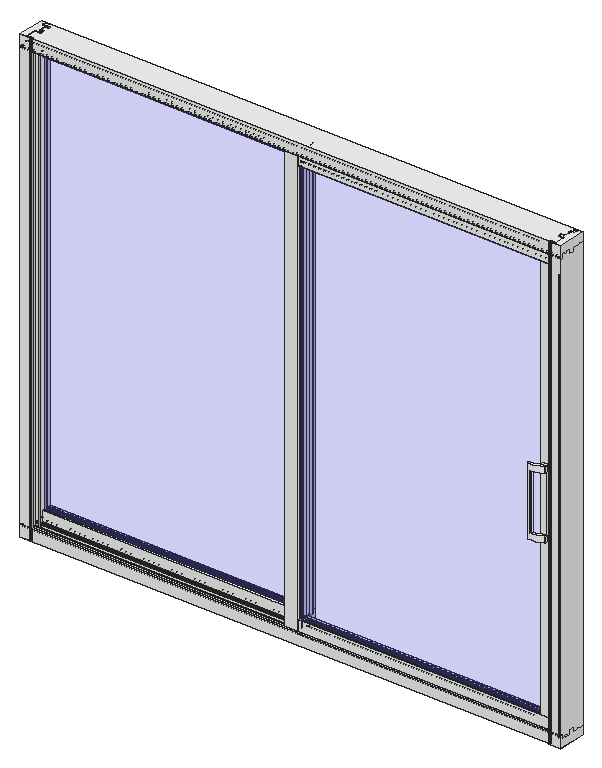
Revit family "Patio-Door_Windsor_Novatech", category Doors, host Wall, Revit 2026
Family settings
  Host = Wall
  Classification Number = 23.30.10.00
  Always vertical = Yes
  Cut with Voids When Loaded = No
  Shared = No
  Room Calculation Point = No
Parameters (values of type "95 1/2"W X 79 1/2"H")
  Width Sash X = (Width / 2) + 5/8"  # 48 3/8"
  Width Sash O = (Width / 2) + 5/8"  # 48 3/8"
  Specification = "https://www.arcat.com/company/novatech-group-51586/spec"
  Product Page URL = "https://www.arcat.com/arcatcos/cos51/arc51586.html"
  Model_Sash to Reference Line = (Width - 3") / 2  # 46 1/4"
  View Handle = yes
  URL = "https://www.groupenovatech.com/en_canada_ontario/products/patio‐doors.html"
  Thickness = 4 7/8"
  Rough Width = Width + 1/2"  # 96"
  Rough Height = Height + 1/2"  # 80"
  Panel Material = Glass
  Model = "Windsor"
  Manufacturer = "Novatech"
  Look Handle = yes
  Keynote = "08 32 00"
  Height Sash X = Height - 3 1/4"  # 76 1/4"
  Height Sash O = Height - 3 1/4"  # 76 1/4"
  Hardware Material = Aluminum
  Handle Height = 38"
  Function = Interior
  Height = 79 1/2"
  Wall Closure = By host
  Width = 95 1/2"
  Frame Material = Aluminum
  Define Thermal Properties by = Schematic Type
  Copyright = "ARCAT"
  CAD Details = "https://www.arcat.com/company/novatech-group-51586/cad"
  Analytic Construction = "<None>"
Reference planes (in)
  plane 1 "Center (Front/Back)": y = -0.19815
  plane 2 "Center (Left/Right)": x = 0
  plane 3 "Left": x = -47.75
  plane 4 "Right": x = 47.75
  plane 5 "Top": z = 79.5
  plane 6 "Exterior": y = 3
  plane 7 "Interior": y = -3
  plane 8 "Panel 1": y = 0.1275
  plane 9 "Panel 2": y = -1.86393
  plane 10: x = -46.25
  plane 11: z = 78.08
  plane 12: z = 38
  plane 13: z = 1.83
  plane 14: x = 46.25
Text (in)
  text "Exterior" at (-74.96733, 27.31104, 0), in view "Ref. Level"
  text "Interior" at (-74.96733, -25.14366, 0), in view "Ref. Level"
  text "Exterior" at (0, 40.15149, 123.01588), in view "Right"
  text "Interior" at (0, -64.39139, 123.01588), in view "Right"
  text "Interior" at (0, -31.01599, 123.00693), in view "Left"
  text "Exterior" at (0, 54.57065, 123.00693), in view "Left"
Dimensions and locks (in)
  equal spacing: plane 3 "Left", plane 2 "Center (Left/Right)", plane 4 "Right"
  "Height": level to plane 5 "Top"
  "Width": plane 3 "Left" to plane 4 "Right"
  "Model_Sash to Reference Line": plane 10 to plane 2 "Center (Left/Right)"
  level to plane 13 = 1.83"
  locked: plane 14 to plane 4 "Right" at 1.5
  plane 3 "Left" to plane 10 = 1 1/2"
  "Model_Sash to Reference Line": plane 2 "Center (Left/Right)" to plane 14
  "Handle Height": plane 12 to level
  locked: nested 2 to plane 4 "Right" at 2.77256
  locked: nested 3 to plane 4 "Right" at 2.77256
  locked: nested 2 to plane 9 "Panel 2" at 0.8125
  locked: plane 9 "Panel 2" to nested 3 at 0.8125
  "Height Sash X": plane 11 to plane 13
  locked: plane 7 "Interior" to plane 9 "Panel 2" at 1.13607
  locked: plane 7 "Interior" to plane 8 "Panel 1" at 3.1275
  aligned and locked: plane 6 "Exterior" to host wall
  aligned and locked: plane 7 "Interior" to host wall
  aligned and locked: plane 12 to nested 2
  aligned and locked: plane 12 to nested 3
  aligned and locked: nested 4 to plane 10
  aligned and locked: plane 2 "Center (Left/Right)" to nested 1
  aligned and locked: nested 4 to plane 11
  aligned and locked: plane 14 to nested 5
  aligned and locked: nested 5 to plane 2 "Center (Left/Right)"
  aligned and locked: plane 9 "Panel 2" to nested 5
  aligned and locked: plane 8 "Panel 1" to nested 4
  aligned and locked: nested 4 to plane 2 "Center (Left/Right)"
  aligned and locked: nested 1 to plane 7 "Interior"
  aligned and locked: plane 4 "Right" to nested 1
  aligned and locked: plane 3 "Left" to nested 1
  aligned and locked: nested 5 to plane 11
Nested families (in)
  nested 1: "NOVATECH WINDSOR_DOOR FRAME" at (0, 0, 0), type "DOOR FRAME"
  nested 2: "NOVATECH WINDSOR_LOOK HANDLE" at (44.97744, -2.70891, 32) x (-1, 0, 0) z (0, 0, 1), visible <- "Look Handle", type "LOOK HANDLE"
  nested 3: "NOVATECH WINDSOR_VIEW HANDLE" at (44.97744, -2.67643, 32) x (-1, 0, 0) z (0, 0, 1), visible <- "View Handle", type "VIEW HANDLE"
    with Handle Length 12"
  nested 4: "NOVATECH WINDSOR_SASH_O" at (-23.125, 1.00559, 1.83) x (-1, 0, 0) z (0, 0, 1), type "SASH_O"
  nested 5: "NOVATECH_WINDSOR_LIGHT_SASH_X" at (23.125, -1.05143, 1.91661) x (-1, 0, 0) z (0, 0, 1), type "SASH_X"
Definition of nested family "NOVATECH WINDSOR_DOOR FRAME"
  Parameters (values of type "NOVATECH 650_2 LIGHT_DOOR FRAME")
    Function = (empty or 0)
    Height = 79 1/2"
    Wall Closure = (empty or 0)
    Width = 95 1/2"
    Frame Thickness = 5.75039"
    Frame Material = none
    Define Thermal Properties by = 1
    Analytic Construction = "<None>"
  Reference planes (in)
    plane 1 "Center (Front/Back)": y = 0
    plane 2 "Center (Left/Right)": x = 0
    plane 3 "Left": x = -47.75
    plane 4 "Right": x = 47.75
    plane 5 "Top": z = 79.5
    plane 6 "Exterior": y = 4
    plane 7 "Interior": y = -4
    plane 8: y = -1.75039
  Lines and regions (in)
    Opening 1
      outline origin (-90, -4, 0) x (1, 0, 0) y (0, 0, 1)
        loop
          line (42.25, 0) -> (137.75, 0) -> (137.75, 79.5) -> (42.25, 79.5) -> (42.25, 0)
  Text (in)
    text "Exterior" at (-74.96733, 27.31104, 0), in view "Ref. Level"
    text "Interior" at (-74.96733, -25.14366, 0), in view "Ref. Level"
    text "Exterior" at (0, 40.15149, 123.01588), in view "Right"
    text "Interior" at (0, -64.39139, 123.01588), in view "Right"
    text "Interior" at (0, -31.01599, 123.00693), in view "Left"
    text "Exterior" at (0, 54.57065, 123.00693), in view "Left"
  Dimensions and locks (in)
    equal spacing: plane 3 "Left", plane 2 "Center (Left/Right)", plane 4 "Right"
    "Height": level to plane 5 "Top"
    "Width": plane 3 "Left" to plane 4 "Right"
    "Frame Thickness": plane 6 "Exterior" to plane 8
    aligned and locked: plane 3 "Left" to Opening 1 sketch curve
    aligned and locked: plane 5 "Top" to Opening 1 sketch curve  (x2)
    aligned and locked: Opening 1 sketch curve to plane 4 "Right"
    aligned and locked: Opening 1 sketch curve to level
    aligned and locked: plane 6 "Exterior" to host wall
    aligned and locked: plane 7 "Interior" to host wall
    aligned and locked: plane 4 "Right" to nested 1
    aligned and locked: nested 1 to plane 3 "Left"
    aligned and locked: plane 4 "Right" to nested 2
    aligned and locked: plane 3 "Left" to nested 2
    aligned and locked: level to nested 4
    aligned and locked: plane 3 "Left" to nested 3
    aligned and locked: nested 4 to plane 4 "Right"
    aligned and locked: plane 7 "Interior" to nested 4
    aligned and locked: nested 3 to plane 7 "Interior"
    aligned and locked: nested 1 to plane 5 "Top"
    aligned and locked: nested 2 to level
    aligned and locked: nested 2 to plane 7 "Interior"
    aligned and locked: plane 7 "Interior" to nested 1
    aligned and locked: plane 5 "Top" to nested 4
  Nested families (in)
    nested 1: "HEADER PROFILE" at (-47.75, -3.8123, 79.5), type "HEADER PROFILE"
      with Length 95 1/2"
    nested 2: "NOVATECH_650_2 LIGHT_SILL PROFILE" at (47.75, -4, 0) x (-1, 0, 0) z (0, 0, 1), type "SILL PROFILE"
      with built-in parameter 1001306 7.9583 (stored number, unit not read)
    nested 3: "NOVATECH 650_2 LIGHT_DOOR FRAME_RIGHT" at (-47.75, 0.875, -8) x (0, -1, 0) z (0, 0, 1), type "NOVATECH 650_2 LIGHT_DOOR FRAME_RIGHT"
      with Length 79 1/2"
    nested 4: "NOVATECH 650_2 LIGHT_DOOR FRAME_LEFT" at (47.75, -4, -16.21833) x (0, 1, 0) z (0, 0, 1), type "NOVATECH 650_2 LIGHT_DOOR FRAME_LEFT"
      with Length 79 1/2"
  Definition of nested family "HEADER PROFILE"
    Parameters (values of type "HEADER PROFILE")
      Length [instance] = 12"
      Frame Material = none
      Default Elevation = 0"
    Reference planes (in)
      plane 1 "Center (Front/Back)": y = -0.1877
      plane 2: z = 0
      plane 3 "Center (Left/Right)": x = 0
      plane 4: x = 12
    Forms (in)
      Extrusion 1, solid, material <- "Frame Material"
        sketch origin (0, 0, -4.50465) x (0, 1, 0) y (0, 0, 1)
          loop
            line (4.6873, 4.50465) -> (-0.1877, 4.50465) -> (-0.1877, 2.47433)
            arc (-0.1877, 2.47433) -> (-0.18193, 2.46041) -> (-0.16801, 2.45465) r 0.01969
            line (-0.16801, 2.45465) -> (-0.0152, 2.45465)
            arc (-0.0152, 2.45465) -> (0.029, 2.47295) -> (0.0473, 2.51715) r 0.0625
            line (0.0473, 2.51715) -> (0.0473, 2.55215)
            arc (0.0473, 2.55215) -> (0.0223, 2.57006) -> (-0.0027, 2.55215) r 0.0264
            arc (-0.0027, 2.55215) -> (-0.00483, 2.53547) -> (-0.0177, 2.52465) r 0.02311
            line (-0.0177, 2.52465) -> (-0.1027, 2.52465)
            arc (-0.1027, 2.52465) -> (-0.11927, 2.54565) -> (-0.1027, 2.56665) r 0.02159
            line (-0.1027, 2.56665) -> (-0.0627, 2.56665)
            arc (-0.0627, 2.56665) -> (-0.04922, 2.58765) -> (-0.0627, 2.60865) r 0.0231
            line (-0.0627, 2.60865) -> (-0.1027, 2.60865)
            arc (-0.1027, 2.60865) -> (-0.11918, 2.62965) -> (-0.1027, 2.65065) r 0.02162
            line (-0.1027, 2.65065) -> (-0.0627, 2.65065)
            arc (-0.0627, 2.65065) -> (-0.04938, 2.67165) -> (-0.0627, 2.69265) r 0.02322
            line (-0.0627, 2.69265) -> (-0.1027, 2.69265)
            arc (-0.1027, 2.69265) -> (-0.11969, 2.71365) -> (-0.1027, 2.73465) r 0.02147
            line (-0.1027, 2.73465) -> (-0.01721, 2.73465)
            arc (-0.01721, 2.73465) -> (-0.00546, 2.72327) -> (-0.0027, 2.70715) r 0.02635
            arc (-0.0027, 2.70715) -> (0.0223, 2.69207) -> (0.0473, 2.70715) r 0.02827
            line (0.0473, 2.70715) -> (0.0473, 3.0807) -> (0.82733, 3.13366) -> (0.85811, 3.08243)
            arc (0.85811, 3.08243) -> (0.93609, 2.85986) -> (1.01464, 3.08222) r 0.125
            line (1.01464, 3.08222) -> (1.05319, 3.149) -> (1.8373, 3.20224) -> (1.8373, 2.70718)
            arc (1.8373, 2.70718) -> (1.86784, 2.69121) -> (1.8873, 2.71965) r 0.02595
            arc (1.8873, 2.71965) -> (1.9123, 2.73723) -> (1.9373, 2.71965) r 0.02656
            line (1.9373, 2.71965) -> (1.9373, 2.53965)
            arc (1.9373, 2.53965) -> (1.90609, 2.52103) -> (1.8873, 2.55215) r 0.02577
            arc (1.8873, 2.55215) -> (1.8623, 2.56817) -> (1.8373, 2.55215) r 0.02752
            line (1.8373, 2.55215) -> (1.8373, 2.51715)
            arc (1.8373, 2.51715) -> (1.85561, 2.47295) -> (1.8998, 2.45465) r 0.0625
            line (1.8998, 2.45465) -> (2.4173, 2.45465)
            arc (2.4173, 2.45465) -> (2.44749, 2.48483) -> (2.4173, 2.51502) r 0.03018
            line (2.4173, 2.51502) -> (2.4173, 2.99157) -> (2.3373, 2.97778) -> (2.3373, 3.08465) -> (3.52687, 3.08465) -> (3.52675, 3.02441)
            arc (3.52675, 3.02441) -> (3.55014, 3.00006) -> (3.57781, 3.01942) r 0.02596
            line (3.57781, 3.01942) -> (3.60549, 3.1267) -> (3.60549, 3.29008)
            arc (3.60549, 3.29008) -> (3.61126, 3.304) -> (3.62518, 3.30977) r 0.01969
            line (3.62518, 3.30977) -> (3.7373, 3.30977)
            arc (3.7373, 3.30977) -> (3.77973, 3.29219) -> (3.7973, 3.24977) r 0.06
            line (3.7973, 3.24977) -> (3.7973, 3.0637) -> (3.7123, 3.0637) -> (3.7123, 3.00465) -> (3.8673, 3.00465) -> (3.8673, 3.42465) -> (4.15031, 3.42465) -> (4.15031, 3.30553)
            arc (4.15031, 3.30553) -> (4.12264, 3.23527) -> (4.18281, 3.18965) r 0.0625
            arc (4.18281, 3.18965) -> (4.24299, 3.23527) -> (4.21531, 3.30553) r 0.0625
            line (4.21531, 3.30553) -> (4.21531, 3.42465) -> (4.49833, 3.42465) -> (4.49833, 3.12465) -> (4.6873, 3.12465) -> (4.6873, 4.50465)
        from 0 to 12
    Dimensions and locks (in)
      "Length": plane 3 "Center (Left/Right)" to plane 4
      aligned and locked: plane 2 to level
      aligned and locked: Extrusion 1 to plane 4
      aligned and locked: Extrusion 1 to plane 3 "Center (Left/Right)"
    Automatic sketch dimensions
      Extrusion 1 sketch curve to Extrusion 1 sketch curve = 0"  (x7)
      Extrusion 1 sketch curve to plane 1 "Center (Front/Back)" = 0"
      Extrusion 1 sketch curve to Extrusion 1 sketch curve = 0.01969"  (x2)
      Extrusion 1 sketch curve to Extrusion 1 sketch curve = 0.06531"
      Extrusion 1 sketch curve to plane 1 "Center (Front/Back)" = 0.085"
      Extrusion 1 sketch curve to Extrusion 1 sketch curve = 0.00447"
      Extrusion 1 sketch curve to Extrusion 1 sketch curve = 0.00502"
      Extrusion 1 sketch curve to Extrusion 1 sketch curve = 0.00514"
      Extrusion 1 sketch curve to Extrusion 1 sketch curve = 0.03009"
      Extrusion 1 sketch curve to Extrusion 1 sketch curve = 0.03037"
      Extrusion 1 sketch curve to Extrusion 1 sketch curve = 0.00963"  (x2)
      Extrusion 1 sketch curve to Extrusion 1 sketch curve = 0.00991"  (x2)
      Extrusion 1 sketch curve to Extrusion 1 sketch curve = 0.03393"
      Extrusion 1 sketch curve to Extrusion 1 sketch curve = 0.03758"
      Extrusion 1 sketch curve to Extrusion 1 sketch curve = 0.00742"
      Extrusion 1 sketch curve to Extrusion 1 sketch curve = 0.01155"
      Extrusion 1 sketch curve to Extrusion 1 sketch curve = 0.0025"
      Extrusion 1 sketch curve to Extrusion 1 sketch curve = 0.04"
      Extrusion 1 sketch curve to Extrusion 1 sketch curve = 0.03951"
      Extrusion 1 sketch curve to plane 1 "Center (Front/Back)" = 0.235"
      Extrusion 1 sketch curve to Extrusion 1 sketch curve = 0.025"  (x3)
      Extrusion 1 sketch curve to Extrusion 1 sketch curve = 0.78003"
      Extrusion 1 sketch curve to Extrusion 1 sketch curve = 0.03078"
      Extrusion 1 sketch curve to Extrusion 1 sketch curve = 5/64"
      Extrusion 1 sketch curve to Extrusion 1 sketch curve = 0.07839"
      Extrusion 1 sketch curve to Extrusion 1 sketch curve = 0.03855"
      Extrusion 1 sketch curve to Extrusion 1 sketch curve = 0.82267"
      Extrusion 1 sketch curve to Extrusion 1 sketch curve = 0.02426"
      Extrusion 1 sketch curve to Extrusion 1 sketch curve = 0.0375"
      Extrusion 1 sketch curve to Extrusion 1 sketch curve = 0.05074"
      Extrusion 1 sketch curve to Extrusion 1 sketch curve = 0.01253"
      Extrusion 1 sketch curve to Extrusion 1 sketch curve = 1/2"
      Extrusion 1 sketch curve to Extrusion 1 sketch curve = 0.08"
      Extrusion 1 sketch curve to Extrusion 1 sketch curve = 1.10945"
      Extrusion 1 sketch curve to Extrusion 1 sketch curve = 0.00012"
      Extrusion 1 sketch curve to Extrusion 1 sketch curve = 0.02592"
      Extrusion 1 sketch curve to level = 1.48523"
      Extrusion 1 sketch curve to Extrusion 1 sketch curve = 0.02514"
      Extrusion 1 sketch curve to Extrusion 1 sketch curve = 0.07862"
      Extrusion 1 sketch curve to Extrusion 1 sketch curve = 0.10681"
      Extrusion 1 sketch curve to Extrusion 1 sketch curve = 0.11213"
      Extrusion 1 sketch curve to Extrusion 1 sketch curve = 0.085"
      Extrusion 1 sketch curve to Extrusion 1 sketch curve = 0.07"
      Extrusion 1 sketch curve to Extrusion 1 sketch curve = 0.28301"  (x2)
      Extrusion 1 sketch curve to Extrusion 1 sketch curve = 0.0325"
      Extrusion 1 sketch curve to Extrusion 1 sketch curve = 0.065"
      Extrusion 1 sketch curve to Extrusion 1 sketch curve = 0.18898"
      Extrusion 1 sketch curve to Extrusion 1 sketch curve = 0.01477"
      Extrusion 1 sketch curve to Extrusion 1 sketch curve = 0.02785"
      Extrusion 1 sketch curve to Extrusion 1 sketch curve = 0.00671"
      Extrusion 1 sketch curve to Extrusion 1 sketch curve = 0.01379"
      Extrusion 1 sketch curve to Extrusion 1 sketch curve = 0.25021"
      Extrusion 1 sketch curve to Extrusion 1 sketch curve = 0.01431"
      Extrusion 1 sketch curve to Extrusion 1 sketch curve = 0.25813"
      Extrusion 1 sketch curve to Extrusion 1 sketch curve = 0.00326"
      Extrusion 1 sketch curve to Extrusion 1 sketch curve = 0.021"  (x5)
      Extrusion 1 sketch curve to Extrusion 1 sketch curve = 0.02368"
      Extrusion 1 sketch curve to Extrusion 1 sketch curve = 0.00898"
      Extrusion 1 sketch curve to Extrusion 1 sketch curve = 0.0092"
      Extrusion 1 sketch curve to Extrusion 1 sketch curve = 0.01319"
      Extrusion 1 sketch curve to Extrusion 1 sketch curve = 0.0145"
      Extrusion 1 sketch curve to Extrusion 1 sketch curve = 0.15503"
      Extrusion 1 sketch curve to Extrusion 1 sketch curve = 0.02011"
      Extrusion 1 sketch curve to Extrusion 1 sketch curve = 0.00612"
      Extrusion 1 sketch curve to Extrusion 1 sketch curve = 0.00849"
      Extrusion 1 sketch curve to Extrusion 1 sketch curve = 0.0115"
      Extrusion 1 sketch curve to Extrusion 1 sketch curve = 0.00638"
      Extrusion 1 sketch curve to Extrusion 1 sketch curve = 0.02888"
      Extrusion 1 sketch curve to Extrusion 1 sketch curve = 0.035"
      Extrusion 1 sketch curve to Extrusion 1 sketch curve = 0.06037"
      Extrusion 1 sketch curve to Extrusion 1 sketch curve = 0.005"
      Extrusion 1 sketch curve to Extrusion 1 sketch curve = 0.05906"
      Extrusion 1 sketch curve to Extrusion 1 sketch curve = 0.34605"
      Extrusion 1 sketch curve to Extrusion 1 sketch curve = 0.09737"
      Extrusion 1 sketch curve to Extrusion 1 sketch curve = 0.06024"
      Extrusion 1 sketch curve to Extrusion 1 sketch curve = 0.12"
      Extrusion 1 sketch curve to Extrusion 1 sketch curve = 0.04205"
      Extrusion 1 sketch curve to Extrusion 1 sketch curve = 0.05123"
      Extrusion 1 sketch curve to Extrusion 1 sketch curve = 0.06677"
      Extrusion 1 sketch curve to Extrusion 1 sketch curve = 0.48259"
      Extrusion 1 sketch curve to Extrusion 1 sketch curve = 0.18606"
      Extrusion 1 sketch curve to Extrusion 1 sketch curve = 0.1275"
      Extrusion 1 sketch curve to Extrusion 1 sketch curve = 0.05339"
      Extrusion 1 sketch curve to Extrusion 1 sketch curve = 0.3"
      Extrusion 1 sketch curve to Extrusion 1 sketch curve = 0.11488"
      Extrusion 1 sketch curve to level = 0"
  Definition of nested family "NOVATECH_650_2 LIGHT_SILL PROFILE"
    Parameters (values of type "SILL PROFILE")
      built-in parameter 1001306 [instance] = 54"
      Frame Material = none
      Default Elevation = 0"
    Reference planes (in)
      plane 1 "Center (Front/Back)": y = 0
      plane 2: z = 0
      plane 3 "Left": x = 0
      plane 4 "Right": x = 54
    Forms (in)
      Extrusion 1, solid, material <- "Frame Material"
        sketch origin (0, 0, 0) x (0, 1, 0) y (0, 0, 1)
          loop
            line (-4.875, 0) -> (0, 0) -> (0, 2.05) -> (-0.1725, 2.05)
            arc (-0.1725, 2.05) -> (-0.21669, 2.03169) -> (-0.235, 1.9875) r 0.0625
            line (-0.235, 1.9875) -> (-0.235, 1.9525)
            arc (-0.235, 1.9525) -> (-0.21, 1.93774) -> (-0.185, 1.9525) r 0.02856
            arc (-0.185, 1.9525) -> (-0.18338, 1.96954) -> (-0.16982, 1.98) r 0.0215
            line (-0.16982, 1.98) -> (-0.085, 1.98)
            arc (-0.085, 1.98) -> (-0.064, 1.959) -> (-0.085, 1.938) r 0.021
            line (-0.085, 1.938) -> (-0.125, 1.938)
            arc (-0.125, 1.938) -> (-0.13812, 1.917) -> (-0.125, 1.896) r 0.02337
            line (-0.125, 1.896) -> (-0.085, 1.896)
            arc (-0.085, 1.896) -> (-0.064, 1.875) -> (-0.085, 1.854) r 0.021
            line (-0.085, 1.854) -> (-0.125, 1.854)
            arc (-0.125, 1.854) -> (-0.1364, 1.833) -> (-0.125, 1.812) r 0.02504
            line (-0.125, 1.812) -> (-0.085, 1.812)
            arc (-0.085, 1.812) -> (-0.064, 1.791) -> (-0.085, 1.77) r 0.021
            line (-0.085, 1.77) -> (-0.17, 1.77)
            arc (-0.17, 1.77) -> (-0.18236, 1.7811) -> (-0.185, 1.7975) r 0.02492
            arc (-0.185, 1.7975) -> (-0.21, 1.81436) -> (-0.235, 1.7975) r 0.02697
            line (-0.235, 1.7975) -> (-0.235, 1.42707) -> (-1.02188, 1.37364) -> (-1.05161, 1.42513)
            arc (-1.05161, 1.42513) -> (-1.13, 1.6475) -> (-1.20839, 1.42513) r 0.125
            line (-1.20839, 1.42513) -> (-1.24694, 1.35836) -> (-2.025, 1.30553) -> (-2.025, 1.7975)
            arc (-2.025, 1.7975) -> (-2.05569, 1.81399) -> (-2.075, 1.785) r 0.02588
            arc (-2.075, 1.785) -> (-2.1, 1.76696) -> (-2.125, 1.785) r 0.02634
            line (-2.125, 1.785) -> (-2.125, 1.965)
            arc (-2.125, 1.965) -> (-2.1, 1.98458) -> (-2.075, 1.965) r 0.02575
            arc (-2.075, 1.965) -> (-2.05549, 1.9368) -> (-2.025, 1.9525) r 0.02599
            line (-2.025, 1.9525) -> (-2.025, 1.9875)
            arc (-2.025, 1.9875) -> (-2.04331, 2.03169) -> (-2.0875, 2.05) r 0.0625
            line (-2.0875, 2.05) -> (-2.635, 2.05) -> (-2.635, 1.99984) -> (-2.605, 1.98016) -> (-2.605, 1.51308) -> (-2.525, 1.52687) -> (-2.525, 1.42) -> (-3.71457, 1.42) -> (-3.71445, 1.48024)
            arc (-3.71445, 1.48024) -> (-3.73784, 1.50458) -> (-3.7655, 1.48523) r 0.02596
            line (-3.7655, 1.48523) -> (-3.79319, 1.37795) -> (-3.79319, 1.21457)
            arc (-3.79319, 1.21457) -> (-3.79895, 1.20065) -> (-3.81287, 1.19488) r 0.01969
            line (-3.81287, 1.19488) -> (-3.925, 1.19488)
            arc (-3.925, 1.19488) -> (-3.96743, 1.21246) -> (-3.985, 1.25488) r 0.06
            line (-3.985, 1.25488) -> (-3.985, 1.44094) -> (-3.9, 1.44094) -> (-3.9, 1.5) -> (-4.055, 1.5) -> (-4.055, 1.08) -> (-4.33801, 1.08) -> (-4.33801, 1.19911)
            arc (-4.33801, 1.19911) -> (-4.31033, 1.26938) -> (-4.37051, 1.315) r 0.0625
            arc (-4.37051, 1.315) -> (-4.43069, 1.26938) -> (-4.40301, 1.19911) r 0.0625
            line (-4.40301, 1.19911) -> (-4.40301, 1.08) -> (-4.68602, 1.08) -> (-4.68602, 1.36031)
            arc (-4.68602, 1.36031) -> (-4.69179, 1.37423) -> (-4.70571, 1.38) r 0.01969
            line (-4.70571, 1.38) -> (-4.85531, 1.38)
            arc (-4.85531, 1.38) -> (-4.86923, 1.37423) -> (-4.875, 1.36031) r 0.01969
            line (-4.875, 1.36031) -> (-4.875, 0)
        from 0 to 54
    Lines and regions (in)
      reference lines
        curve 1: line (0, 0, 0) -> (54, 0, 0)
    Dimensions and locks (in)
      "built-in parameter 1001306": plane 3 "Left" to plane 4 "Right"
      aligned and locked: plane 4 "Right" to curve 1
      aligned and locked: plane 1 "Center (Front/Back)" to curve 1
      aligned and locked: plane 3 "Left" to curve 1
      aligned and locked: level to plane 2
      aligned and locked: Extrusion 1 to curve 1
      aligned and locked: Extrusion 1 to plane 3 "Left"
    Automatic sketch dimensions
      Extrusion 1 sketch curve to Extrusion 1 sketch curve = 0"  (x5)
      level to Extrusion 1 sketch curve = 1.36031"
      plane 1 "Center (Front/Back)" to Extrusion 1 sketch curve = 4 7/8"
      Extrusion 1 sketch curve to Extrusion 1 sketch curve = 0.01969"  (x3)
      Extrusion 1 sketch curve to Extrusion 1 sketch curve = 0.14961"
      Extrusion 1 sketch curve to Extrusion 1 sketch curve = 0.28301"  (x2)
      Extrusion 1 sketch curve to Extrusion 1 sketch curve = 0.0325"  (x2)
      Extrusion 1 sketch curve to Extrusion 1 sketch curve = 0.07"
      Extrusion 1 sketch curve to Extrusion 1 sketch curve = 0.06"
      Extrusion 1 sketch curve to Extrusion 1 sketch curve = 0.085"  (x2)
      Extrusion 1 sketch curve to Extrusion 1 sketch curve = 0.11213"
      level to Extrusion 1 sketch curve = 1.37795"
      Extrusion 1 sketch curve to Extrusion 1 sketch curve = 0.10681"
      level to Extrusion 1 sketch curve = 1.48523"
      Extrusion 1 sketch curve to Extrusion 1 sketch curve = 0.02768"
      Extrusion 1 sketch curve to Extrusion 1 sketch curve = 0.02514"
      Extrusion 1 sketch curve to Extrusion 1 sketch curve = 0.0258"
      level to Extrusion 1 sketch curve = 1.48024"
      Extrusion 1 sketch curve to Extrusion 1 sketch curve = 0.02592"
      Extrusion 1 sketch curve to Extrusion 1 sketch curve = 1.07945"
      level to Extrusion 1 sketch curve = 1.98016"
      Extrusion 1 sketch curve to Extrusion 1 sketch curve = 0.03"
      Extrusion 1 sketch curve to Extrusion 1 sketch curve = 0.08"
      Extrusion 1 sketch curve to Extrusion 1 sketch curve = 0.4"
      Extrusion 1 sketch curve to Extrusion 1 sketch curve = 0.025"  (x4)
      Extrusion 1 sketch curve to Extrusion 1 sketch curve = 0.0125"
      Extrusion 1 sketch curve to Extrusion 1 sketch curve = 0.05059"
      Extrusion 1 sketch curve to Extrusion 1 sketch curve = 0.03831"
      Extrusion 1 sketch curve to Extrusion 1 sketch curve = 0.02419"
      Extrusion 1 sketch curve to Extrusion 1 sketch curve = 0.02441"
      level to Extrusion 1 sketch curve = 1.35836"
      Extrusion 1 sketch curve to Extrusion 1 sketch curve = 0.77806"
      level to Extrusion 1 sketch curve = 1.42513"  (x2)
      Extrusion 1 sketch curve to Extrusion 1 sketch curve = 0.03855"
      Extrusion 1 sketch curve to Extrusion 1 sketch curve = 0.07839"
      level to Extrusion 1 sketch curve = 1.37364"
      Extrusion 1 sketch curve to Extrusion 1 sketch curve = 0.02973"
      Extrusion 1 sketch curve to Extrusion 1 sketch curve = 0.81661"
      level to Extrusion 1 sketch curve = 1.42707"
      Extrusion 1 sketch curve to Extrusion 1 sketch curve = 1/16"
      Extrusion 1 sketch curve to Extrusion 1 sketch curve = 0.04"  (x2)
      Extrusion 1 sketch curve to Extrusion 1 sketch curve = 0.00268"
      Extrusion 1 sketch curve to Extrusion 1 sketch curve = 0.00527"
      Extrusion 1 sketch curve to Extrusion 1 sketch curve = 0.00951"  (x2)
      Extrusion 1 sketch curve to Extrusion 1 sketch curve = 0.03955"
      Extrusion 1 sketch curve to Extrusion 1 sketch curve = 0.03549"
      Extrusion 1 sketch curve to Extrusion 1 sketch curve = 0.01025"
      Extrusion 1 sketch curve to Extrusion 1 sketch curve = 0.01363"
      Extrusion 1 sketch curve to Extrusion 1 sketch curve = 0.02637"  (x2)
      Extrusion 1 sketch curve to Extrusion 1 sketch curve = 0.05283"
      Extrusion 1 sketch curve to Extrusion 1 sketch curve = 0.12307"
      Extrusion 1 sketch curve to Extrusion 1 sketch curve = 0.10781"
      Extrusion 1 sketch curve to Extrusion 1 sketch curve = 0.05339"
      Extrusion 1 sketch curve to Extrusion 1 sketch curve = 0.11911"
      Extrusion 1 sketch curve to Extrusion 1 sketch curve = 0.11488"
      Extrusion 1 sketch curve to level = 0"
      Extrusion 1 sketch curve to Extrusion 1 sketch curve = 0.11447"
      Extrusion 1 sketch curve to Extrusion 1 sketch curve = 0.18606"
      Extrusion 1 sketch curve to Extrusion 1 sketch curve = 0.05906"
      Extrusion 1 sketch curve to Extrusion 1 sketch curve = 0.09308"
      Extrusion 1 sketch curve to Extrusion 1 sketch curve = 0.09737"
      Extrusion 1 sketch curve to Extrusion 1 sketch curve = 0.01379"
      Extrusion 1 sketch curve to Extrusion 1 sketch curve = 0.34293"
      Extrusion 1 sketch curve to Extrusion 1 sketch curve = 0.25813"
      Extrusion 1 sketch curve to Extrusion 1 sketch curve = 0.01739"
      Extrusion 1 sketch curve to Extrusion 1 sketch curve = 0.00388"
      Extrusion 1 sketch curve to Extrusion 1 sketch curve = 0.021"  (x5)
      Extrusion 1 sketch curve to Extrusion 1 sketch curve = 0.02303"
      Extrusion 1 sketch curve to Extrusion 1 sketch curve = 0.0083"
      Extrusion 1 sketch curve to Extrusion 1 sketch curve = 0.00862"
      Extrusion 1 sketch curve to Extrusion 1 sketch curve = 0.01011"
      Extrusion 1 sketch curve to Extrusion 1 sketch curve = 0.0145"
      Extrusion 1 sketch curve to Extrusion 1 sketch curve = 0.155"
      Extrusion 1 sketch curve to Extrusion 1 sketch curve = 0.00633"
      Extrusion 1 sketch curve to Extrusion 1 sketch curve = 0.02085"
      Extrusion 1 sketch curve to Extrusion 1 sketch curve = 0.00617"
      Extrusion 1 sketch curve to Extrusion 1 sketch curve = 0.0138"
      Extrusion 1 sketch curve to Extrusion 1 sketch curve = 0.035"
      Extrusion 1 sketch curve to Extrusion 1 sketch curve = 0.0212"
  Definition of nested family "NOVATECH 650_2 LIGHT_DOOR FRAME_RIGHT"
    Parameters (values of type "NOVATECH 650_2 LIGHT_DOOR FRAME_RIGHT")
      Length = 93"
      Frame Material = none
      Default Elevation = 0"
    Reference planes (in)
      plane 1 "Center (Front/Back)": y = 0
      plane 2: z = 8
      plane 3 "Center (Left/Right)": x = 0
      plane 4: z = 101
    Forms (in)
      Extrusion 1, solid, material <- "Frame Material"
        sketch origin (0, 0, 0) x (1, 0, 0) y (0, 1, 0)
          loop
            line (4.875, 0) -> (0, 0) -> (0, -1.36031)
            arc (0, -1.36031) -> (0.00577, -1.37423) -> (0.01969, -1.38) r 0.01969
            line (0.01969, -1.38) -> (0.16929, -1.38)
            arc (0.16929, -1.38) -> (0.18321, -1.37423) -> (0.18898, -1.36031) r 0.01969
            line (0.18898, -1.36031) -> (0.18898, -0.80969)
            arc (0.18898, -0.80969) -> (0.19474, -0.79577) -> (0.20866, -0.79) r 0.01969
            line (0.20866, -0.79) -> (0.80031, -0.79)
            arc (0.80031, -0.79) -> (0.81423, -0.79577) -> (0.82, -0.80969) r 0.01969
            line (0.82, -0.80969) -> (0.82, -1.5) -> (0.86941, -1.5) -> (0.86941, -2.0498) -> (1.21465, -2.0498) -> (1.21465, -1.9648)
            arc (1.21465, -1.9648) -> (1.18862, -1.94582) -> (1.15965, -1.95989) r 0.03127
            line (1.15965, -1.95989) -> (1.15965, -1.9948) -> (1.08409, -1.9948) -> (1.08409, -1.59269)
            arc (1.08409, -1.59269) -> (1.07196, -1.5533) -> (1.03976, -1.52757) r 0.07
            line (1.03976, -1.52757) -> (1.03976, -1.45797)
            arc (1.03976, -1.45797) -> (1.03485, -1.4322) -> (1.02079, -1.41005) r 0.07
            line (1.02079, -1.41005) -> (1.08181, -1.30435) -> (1.08181, -1.37795) -> (1.1095, -1.48523)
            arc (1.1095, -1.48523) -> (1.13716, -1.50458) -> (1.16055, -1.48024) r 0.02596
            line (1.16055, -1.48024) -> (1.16043, -1.42) -> (2.35, -1.42) -> (2.35, -1.52687) -> (2.27, -1.51308) -> (2.27, -1.98016) -> (2.24, -1.99984) -> (2.24, -2.05) -> (2.7875, -2.05)
            arc (2.7875, -2.05) -> (2.83169, -2.03169) -> (2.85, -1.9875) r 0.0625
            line (2.85, -1.9875) -> (2.85, -1.9525)
            arc (2.85, -1.9525) -> (2.81931, -1.93601) -> (2.8, -1.965) r 0.02588
            arc (2.8, -1.965) -> (2.775, -1.98361) -> (2.75, -1.965) r 0.0261
            line (2.75, -1.965) -> (2.75, -1.785)
            arc (2.75, -1.785) -> (2.775, -1.76622) -> (2.8, -1.785) r 0.02603
            arc (2.8, -1.785) -> (2.81931, -1.81399) -> (2.85, -1.7975) r 0.02588
            line (2.85, -1.7975) -> (2.85, -1.14843) -> (2.79094, -1.14843) -> (2.79094, -1.05) -> (4.64, -1.05) -> (4.64, -1.7975)
            arc (4.64, -1.7975) -> (4.665, -1.81387) -> (4.69, -1.7975) r 0.02728
            arc (4.69, -1.7975) -> (4.69228, -1.7809) -> (4.705, -1.77) r 0.02361
            line (4.705, -1.77) -> (4.79, -1.77)
            arc (4.79, -1.77) -> (4.80654, -1.791) -> (4.79, -1.812) r 0.0216
            line (4.79, -1.812) -> (4.75, -1.812)
            arc (4.75, -1.812) -> (4.73816, -1.833) -> (4.75, -1.854) r 0.02455
            line (4.75, -1.854) -> (4.79, -1.854)
            arc (4.79, -1.854) -> (4.80663, -1.875) -> (4.79, -1.896) r 0.02157
            line (4.79, -1.896) -> (4.75, -1.896)
            arc (4.75, -1.896) -> (4.73708, -1.917) -> (4.75, -1.938) r 0.02353
            line (4.75, -1.938) -> (4.79, -1.938)
            arc (4.79, -1.938) -> (4.80694, -1.959) -> (4.79, -1.98) r 0.02149
            line (4.79, -1.98) -> (4.705, -1.98)
            arc (4.705, -1.98) -> (4.69173, -1.9694) -> (4.69, -1.9525) r 0.02196
            arc (4.69, -1.9525) -> (4.665, -1.93699) -> (4.64, -1.9525) r 0.0279
            line (4.64, -1.9525) -> (4.64, -1.9875)
            arc (4.64, -1.9875) -> (4.65831, -2.03169) -> (4.7025, -2.05) r 0.0625
            line (4.7025, -2.05) -> (4.85531, -2.05)
            arc (4.85531, -2.05) -> (4.86923, -2.04423) -> (4.875, -2.03031) r 0.01969
            line (4.875, -2.03031) -> (4.875, 0)
        from 8 to 101
    Dimensions and locks (in)
      "Length": plane 4 to plane 2
      aligned and locked: plane 4 to Extrusion 1
      aligned and locked: Extrusion 1 to plane 2
    Automatic sketch dimensions
      plane 1 "Center (Front/Back)" to Extrusion 1 sketch curve = 0"
      Extrusion 1 sketch curve to Extrusion 1 sketch curve = 0.01969"  (x4)
      Extrusion 1 sketch curve to Extrusion 1 sketch curve = 0.14961"
      Extrusion 1 sketch curve to Extrusion 1 sketch curve = 0.59165"
      Extrusion 1 sketch curve to Extrusion 1 sketch curve = 0.63102"
      Extrusion 1 sketch curve to Extrusion 1 sketch curve = 0.04941"
      Extrusion 1 sketch curve to Extrusion 1 sketch curve = 0.10035"
      Extrusion 1 sketch curve to Extrusion 1 sketch curve = 0.04433"
      plane 1 "Center (Front/Back)" to Extrusion 1 sketch curve = 1.41005"
      Extrusion 1 sketch curve to Extrusion 1 sketch curve = 0.05102"
      Extrusion 1 sketch curve to Extrusion 1 sketch curve = 0.02567"
      Extrusion 1 sketch curve to Extrusion 1 sketch curve = 0.06102"
      Extrusion 1 sketch curve to Extrusion 1 sketch curve = 0.21469"
      plane 1 "Center (Front/Back)" to Extrusion 1 sketch curve = 1.48523"
      Extrusion 1 sketch curve to Extrusion 1 sketch curve = 0.06973"
      Extrusion 1 sketch curve to Extrusion 1 sketch curve = 0.02514"
      Extrusion 1 sketch curve to Extrusion 1 sketch curve = 0.07555"
      plane 1 "Center (Front/Back)" to Extrusion 1 sketch curve = 1.42"
      Extrusion 1 sketch curve to Extrusion 1 sketch curve = 0.0258"
      plane 1 "Center (Front/Back)" to Extrusion 1 sketch curve = 1.48024"
      Extrusion 1 sketch curve to Extrusion 1 sketch curve = 0.02592"
      Extrusion 1 sketch curve to Extrusion 1 sketch curve = 0.02619"
      Extrusion 1 sketch curve to Extrusion 1 sketch curve = 0.055"  (x2)
      plane 1 "Center (Front/Back)" to Extrusion 1 sketch curve = 1.99984"
      Extrusion 1 sketch curve to Extrusion 1 sketch curve = 1.02535"
      plane 1 "Center (Front/Back)" to Extrusion 1 sketch curve = 1.51308"
      Extrusion 1 sketch curve to Extrusion 1 sketch curve = 0.03"
      Extrusion 1 sketch curve to Extrusion 1 sketch curve = 0.08"
      Extrusion 1 sketch curve to Extrusion 1 sketch curve = 0.48"
      Extrusion 1 sketch curve to Extrusion 1 sketch curve = 0.025"  (x4)
      Extrusion 1 sketch curve to Extrusion 1 sketch curve = 0.0125"
      Extrusion 1 sketch curve to Extrusion 1 sketch curve = 0.44094"
      Extrusion 1 sketch curve to Extrusion 1 sketch curve = 0.05059"
      Extrusion 1 sketch curve to Extrusion 1 sketch curve = 0.03809"
      Extrusion 1 sketch curve to Extrusion 1 sketch curve = 0.02441"
      Extrusion 1 sketch curve to Extrusion 1 sketch curve = 0.05906"
      Extrusion 1 sketch curve to Extrusion 1 sketch curve = 1.79"
      Extrusion 1 sketch curve to Extrusion 1 sketch curve = 0"  (x2)
      Extrusion 1 sketch curve to Extrusion 1 sketch curve = 0.0375"
      Extrusion 1 sketch curve to Extrusion 1 sketch curve = 0.0025"
      Extrusion 1 sketch curve to Extrusion 1 sketch curve = 0.04"
      Extrusion 1 sketch curve to Extrusion 1 sketch curve = 0.00601"
      Extrusion 1 sketch curve to Extrusion 1 sketch curve = 0.00801"
      Extrusion 1 sketch curve to Extrusion 1 sketch curve = 0.03699"  (x2)
      Extrusion 1 sketch curve to Extrusion 1 sketch curve = 0.03899"
      Extrusion 1 sketch curve to Extrusion 1 sketch curve = 0.01061"
      Extrusion 1 sketch curve to Extrusion 1 sketch curve = 0.01271"
      Extrusion 1 sketch curve to Extrusion 1 sketch curve = 0.03493"
      Extrusion 1 sketch curve to Extrusion 1 sketch curve = 0.03506"
      Extrusion 1 sketch curve to Extrusion 1 sketch curve = 0.03545"
      Extrusion 1 sketch curve to Extrusion 1 sketch curve = 0.00507"  (x2)
      Extrusion 1 sketch curve to Extrusion 1 sketch curve = 0.00494"  (x2)
      Extrusion 1 sketch curve to Extrusion 1 sketch curve = 0.00455"  (x2)
      Extrusion 1 sketch curve to Extrusion 1 sketch curve = 0.06531"
      Extrusion 1 sketch curve to Extrusion 1 sketch curve = 0.235"
      plane 1 "Center (Front/Back)" to Extrusion 1 sketch curve = 2.03031"
      Extrusion 1 sketch curve to Extrusion 1 sketch curve = 0.56957"
      Extrusion 1 sketch curve to Extrusion 1 sketch curve = 0.05016"
      Extrusion 1 sketch curve to Extrusion 1 sketch curve = 0.05031"
      Extrusion 1 sketch curve to Extrusion 1 sketch curve = 0.01783"
      Extrusion 1 sketch curve to Extrusion 1 sketch curve = 0.0225"
      Extrusion 1 sketch curve to Extrusion 1 sketch curve = 0.02261"
      Extrusion 1 sketch curve to Extrusion 1 sketch curve = 0.01217"
      Extrusion 1 sketch curve to Extrusion 1 sketch curve = 0.02638"
      Extrusion 1 sketch curve to Extrusion 1 sketch curve = 0.021"  (x5)
      Extrusion 1 sketch curve to Extrusion 1 sketch curve = 0.02112"
      Extrusion 1 sketch curve to Extrusion 1 sketch curve = 0.00748"
      Extrusion 1 sketch curve to Extrusion 1 sketch curve = 0.01239"
      Extrusion 1 sketch curve to Extrusion 1 sketch curve = 0.00862"  (x2)
      Extrusion 1 sketch curve to Extrusion 1 sketch curve = 0.155"
      Extrusion 1 sketch curve to Extrusion 1 sketch curve = 0.0145"
      Extrusion 1 sketch curve to Extrusion 1 sketch curve = 0.00525"
      Extrusion 1 sketch curve to Extrusion 1 sketch curve = 0.01979"
      Extrusion 1 sketch curve to Extrusion 1 sketch curve = 0.01091"
      Extrusion 1 sketch curve to Extrusion 1 sketch curve = 0.00725"
      Extrusion 1 sketch curve to Extrusion 1 sketch curve = 0.10746"
      Extrusion 1 sketch curve to Extrusion 1 sketch curve = 0.01379"
      Extrusion 1 sketch curve to Extrusion 1 sketch curve = 0.04203"
      Extrusion 1 sketch curve to Extrusion 1 sketch curve = 0.12"
      Extrusion 1 sketch curve to Extrusion 1 sketch curve = 0.0321"
      Extrusion 1 sketch curve to Extrusion 1 sketch curve = 0.0736"
      Extrusion 1 sketch curve to Extrusion 1 sketch curve = 0.27157"
      Extrusion 1 sketch curve to Extrusion 1 sketch curve = 0.09843"
      Extrusion 1 sketch curve to Extrusion 1 sketch curve = 0.55063"
      plane 3 "Center (Left/Right)" to Extrusion 1 sketch curve = 0"
  Definition of nested family "NOVATECH 650_2 LIGHT_DOOR FRAME_LEFT"
    Parameters (values of type "NOVATECH 650_2 LIGHT_DOOR FRAME_LEFT")
      Length [instance] = 95 1/2"
      Frame Material = none
      Default Elevation = 0"
    Reference planes (in)
      plane 1 "Center (Front/Back)": y = 0
      plane 2: z = 16.21833
      plane 3 "Center (Left/Right)": x = 0
      plane 4: z = 111.71833
    Forms (in)
      Extrusion 1, solid, material <- "Frame Material"
        sketch origin (0, 0, 0) x (1, 0, 0) y (0, 1, 0)
          loop
            line (0, 0) -> (0, -2.03031)
            arc (0, -2.03031) -> (0.00577, -2.04423) -> (0.01969, -2.05) r 0.01969
            line (0.01969, -2.05) -> (0.1725, -2.05)
            arc (0.1725, -2.05) -> (0.21669, -2.03169) -> (0.235, -1.9875) r 0.0625
            line (0.235, -1.9875) -> (0.235, -1.9525)
            arc (0.235, -1.9525) -> (0.21, -1.93699) -> (0.185, -1.9525) r 0.0279
            arc (0.185, -1.9525) -> (0.18327, -1.9694) -> (0.17, -1.98) r 0.02196
            line (0.17, -1.98) -> (0.085, -1.98)
            arc (0.085, -1.98) -> (0.06806, -1.959) -> (0.085, -1.938) r 0.02149
            line (0.085, -1.938) -> (0.125, -1.938)
            arc (0.125, -1.938) -> (0.13792, -1.917) -> (0.125, -1.896) r 0.02353
            line (0.125, -1.896) -> (0.085, -1.896)
            arc (0.085, -1.896) -> (0.06837, -1.875) -> (0.085, -1.854) r 0.02157
            line (0.085, -1.854) -> (0.125, -1.854)
            arc (0.125, -1.854) -> (0.13684, -1.833) -> (0.125, -1.812) r 0.02455
            line (0.125, -1.812) -> (0.085, -1.812)
            arc (0.085, -1.812) -> (0.06846, -1.791) -> (0.085, -1.77) r 0.0216
            line (0.085, -1.77) -> (0.17, -1.77)
            arc (0.17, -1.77) -> (0.18272, -1.7809) -> (0.185, -1.7975) r 0.02361
            arc (0.185, -1.7975) -> (0.21, -1.81387) -> (0.235, -1.7975) r 0.02728
            line (0.235, -1.7975) -> (0.235, -1.05) -> (2.08406, -1.05) -> (2.08406, -1.14843) -> (2.025, -1.14843) -> (2.025, -1.7975)
            arc (2.025, -1.7975) -> (2.05569, -1.81399) -> (2.075, -1.785) r 0.02588
            arc (2.075, -1.785) -> (2.1, -1.76622) -> (2.125, -1.785) r 0.02603
            line (2.125, -1.785) -> (2.125, -1.965)
            arc (2.125, -1.965) -> (2.1, -1.98361) -> (2.075, -1.965) r 0.0261
            arc (2.075, -1.965) -> (2.05569, -1.93601) -> (2.025, -1.9525) r 0.02588
            line (2.025, -1.9525) -> (2.025, -1.9875)
            arc (2.025, -1.9875) -> (2.04331, -2.03169) -> (2.0875, -2.05) r 0.0625
            line (2.0875, -2.05) -> (2.635, -2.05) -> (2.635, -1.99984) -> (2.605, -1.98016) -> (2.605, -1.51308) -> (2.525, -1.52687) -> (2.525, -1.42) -> (3.71457, -1.42) -> (3.71445, -1.48024)
            arc (3.71445, -1.48024) -> (3.73784, -1.50458) -> (3.7655, -1.48523) r 0.02596
            line (3.7655, -1.48523) -> (3.79319, -1.37795) -> (3.79319, -1.19488) -> (3.925, -1.19488)
            arc (3.925, -1.19488) -> (3.96743, -1.21246) -> (3.985, -1.25488) r 0.06
            line (3.985, -1.25488) -> (3.985, -1.44094) -> (3.91969, -1.44094)
            arc (3.91969, -1.44094) -> (3.89713, -1.47047) -> (3.91969, -1.5) r 0.03061
            line (3.91969, -1.5) -> (4.055, -1.5) -> (4.055, -0.80969)
            arc (4.055, -0.80969) -> (4.06077, -0.79577) -> (4.07469, -0.79) r 0.01969
            line (4.07469, -0.79) -> (4.66634, -0.79)
            arc (4.66634, -0.79) -> (4.68026, -0.79577) -> (4.68602, -0.80969) r 0.01969
            line (4.68602, -0.80969) -> (4.68602, -1.36031)
            arc (4.68602, -1.36031) -> (4.69179, -1.37423) -> (4.70571, -1.38) r 0.01969
            line (4.70571, -1.38) -> (4.85531, -1.38)
            arc (4.85531, -1.38) -> (4.86923, -1.37423) -> (4.875, -1.36031) r 0.01969
            line (4.875, -1.36031) -> (4.875, 0) -> (0, 0)
        from 16.21833 to 111.71833
    Dimensions and locks (in)
      "Length": plane 4 to plane 2
      aligned and locked: plane 4 to Extrusion 1
      aligned and locked: Extrusion 1 to plane 2
    Automatic sketch dimensions
      plane 1 "Center (Front/Back)" to Extrusion 1 sketch curve = 0"
      Extrusion 1 sketch curve to Extrusion 1 sketch curve = 0.01969"  (x5)
      Extrusion 1 sketch curve to Extrusion 1 sketch curve = 0.06531"
      Extrusion 1 sketch curve to Extrusion 1 sketch curve = 0"  (x7)
      Extrusion 1 sketch curve to Extrusion 1 sketch curve = 0.00455"
      Extrusion 1 sketch curve to Extrusion 1 sketch curve = 0.00494"
      Extrusion 1 sketch curve to Extrusion 1 sketch curve = 0.00507"
      Extrusion 1 sketch curve to Extrusion 1 sketch curve = 0.02729"
      Extrusion 1 sketch curve to Extrusion 1 sketch curve = 0.02939"
      Extrusion 1 sketch curve to Extrusion 1 sketch curve = 0.01061"  (x2)
      Extrusion 1 sketch curve to Extrusion 1 sketch curve = 0.01271"  (x2)
      Extrusion 1 sketch curve to Extrusion 1 sketch curve = 0.03699"
      Extrusion 1 sketch curve to Extrusion 1 sketch curve = 0.03899"
      Extrusion 1 sketch curve to Extrusion 1 sketch curve = 0.00801"
      Extrusion 1 sketch curve to Extrusion 1 sketch curve = 0.00601"
      Extrusion 1 sketch curve to Extrusion 1 sketch curve = 0.0025"
      Extrusion 1 sketch curve to Extrusion 1 sketch curve = 0.04"  (x2)
      Extrusion 1 sketch curve to Extrusion 1 sketch curve = 0.065"
      Extrusion 1 sketch curve to Extrusion 1 sketch curve = 0.025"  (x2)
      Extrusion 1 sketch curve to Extrusion 1 sketch curve = 1.79"
      Extrusion 1 sketch curve to Extrusion 1 sketch curve = 0.02441"  (x2)
      Extrusion 1 sketch curve to Extrusion 1 sketch curve = 0.05906"
      Extrusion 1 sketch curve to Extrusion 1 sketch curve = 1/16"
      Extrusion 1 sketch curve to Extrusion 1 sketch curve = 0.0125"
      Extrusion 1 sketch curve to Extrusion 1 sketch curve = 0.05059"
      Extrusion 1 sketch curve to Extrusion 1 sketch curve = 0.44094"
      Extrusion 1 sketch curve to Extrusion 1 sketch curve = 0.08"
      Extrusion 1 sketch curve to Extrusion 1 sketch curve = 0.03"
      plane 1 "Center (Front/Back)" to Extrusion 1 sketch curve = 1.48024"
      Extrusion 1 sketch curve to Extrusion 1 sketch curve = 1.10945"
      Extrusion 1 sketch curve to Extrusion 1 sketch curve = 0.00012"  (x2)
      Extrusion 1 sketch curve to Extrusion 1 sketch curve = 0.02592"
      plane 1 "Center (Front/Back)" to Extrusion 1 sketch curve = 1.48523"
      Extrusion 1 sketch curve to Extrusion 1 sketch curve = 0.02514"
      Extrusion 1 sketch curve to Extrusion 1 sketch curve = 0.07862"
      Extrusion 1 sketch curve to Extrusion 1 sketch curve = 0.15418"
      Extrusion 1 sketch curve to Extrusion 1 sketch curve = 0.13181"
      Extrusion 1 sketch curve to Extrusion 1 sketch curve = 0.00806"
      Extrusion 1 sketch curve to Extrusion 1 sketch curve = 0.06"
      Extrusion 1 sketch curve to Extrusion 1 sketch curve = 0.13"
      Extrusion 1 sketch curve to Extrusion 1 sketch curve = 0.59165"
      Extrusion 1 sketch curve to Extrusion 1 sketch curve = 0.14961"
      Extrusion 1 sketch curve to Extrusion 1 sketch curve = 0.20866"
      plane 1 "Center (Front/Back)" to Extrusion 1 sketch curve = 1.9525"
      Extrusion 1 sketch curve to Extrusion 1 sketch curve = 0.47226"
      Extrusion 1 sketch curve to Extrusion 1 sketch curve = 0.00502"
      Extrusion 1 sketch curve to Extrusion 1 sketch curve = 0.00638"
      Extrusion 1 sketch curve to Extrusion 1 sketch curve = 0.00862"  (x2)
      Extrusion 1 sketch curve to Extrusion 1 sketch curve = 0.01239"
      Extrusion 1 sketch curve to Extrusion 1 sketch curve = 0.00748"
      Extrusion 1 sketch curve to Extrusion 1 sketch curve = 0.021"  (x5)
      Extrusion 1 sketch curve to Extrusion 1 sketch curve = 0.01516"
      Extrusion 1 sketch curve to Extrusion 1 sketch curve = 0.02261"
      Extrusion 1 sketch curve to Extrusion 1 sketch curve = 0.0225"
      Extrusion 1 sketch curve to Extrusion 1 sketch curve = 0.0145"
      Extrusion 1 sketch curve to Extrusion 1 sketch curve = 0.155"
      Extrusion 1 sketch curve to Extrusion 1 sketch curve = 0.00525"
      Extrusion 1 sketch curve to Extrusion 1 sketch curve = 0.01979"
      Extrusion 1 sketch curve to Extrusion 1 sketch curve = 0.01091"
      Extrusion 1 sketch curve to Extrusion 1 sketch curve = 0.00725"
      Extrusion 1 sketch curve to Extrusion 1 sketch curve = 0.45328"
      Extrusion 1 sketch curve to Extrusion 1 sketch curve = 0.01379"
      Extrusion 1 sketch curve to Extrusion 1 sketch curve = 0.01477"
      Extrusion 1 sketch curve to Extrusion 1 sketch curve = 0.02953"
      Extrusion 1 sketch curve to Extrusion 1 sketch curve = 0.10687"
      Extrusion 1 sketch curve to Extrusion 1 sketch curve = 0.12"
      Extrusion 1 sketch curve to Extrusion 1 sketch curve = 0.04205"
      Extrusion 1 sketch curve to Extrusion 1 sketch curve = 0.12307"
      Extrusion 1 sketch curve to Extrusion 1 sketch curve = 0.27157"
      Extrusion 1 sketch curve to Extrusion 1 sketch curve = 0.72"
      Extrusion 1 sketch curve to Extrusion 1 sketch curve = 0.3852"
      plane 3 "Center (Left/Right)" to Extrusion 1 sketch curve = 0"
Definition of nested family "NOVATECH WINDSOR_LOOK HANDLE"
  Parameters (values of type "LOOK HANDLE")
    View Handle = yes
    Look Handle = yes
    Hardware Finish = none
    Handle Length [instance] = 12"
    Default Elevation = 0"
  Reference planes (in)
    plane 1 "Center (Front/Back)": y = 0
    plane 2: z = 0
    plane 3 "Center (Left/Right)": x = 0
    plane 4: z = 12
    plane 5: z = 11
    plane 6: z = 1
    plane 7: z = 6
  Forms (in)
    Extrusion 1, solid, material <- "Hardware Finish", visible <- "Look Handle"
      sketch origin (-2.75609, 4.10702, 0) x (1, 0, 0) y (0, 1, 0)
        loop
          line (2.28365, -5.7645) -> (2.29002, -6.12973)
          arc (2.29002, -6.12973) -> (2.31095, -6.17843) -> (2.36001, -6.1985) r 0.07
          line (2.36001, -6.1985) -> (3.15217, -6.1985)
          arc (3.15217, -6.1985) -> (3.20123, -6.17843) -> (3.22216, -6.12973) r 0.07
          line (3.22216, -6.12973) -> (3.22853, -5.7645) -> (2.28365, -5.7645)
      from 0 to 12
    Extrusion 2, solid, material <- "Hardware Finish", visible <- "Look Handle"
      sketch origin (-2.75609, 4.10702, 0) x (1, 0, 0) y (0, 1, 0)
        loop
          arc (2.92658, -7.01425) -> (2.95049, -7.06991) -> (3.00657, -7.09285) r 0.08
          line (3.00657, -7.09285) -> (3.06811, -7.09285)
          arc (3.06811, -7.09285) -> (3.12419, -7.06991) -> (3.1481, -7.01425) r 0.08
          line (3.1481, -7.01425) -> (3.16234, -6.1985) -> (2.88163, -6.1985)
          arc (2.88163, -6.1985) -> (2.90353, -6.20746) -> (2.91288, -6.22921) r 0.03125
          line (2.91288, -6.22921) -> (2.92658, -7.01425)
      from 4.54231 to 11
    Extrusion 3, solid, material <- "Hardware Finish", visible <- "Look Handle"
      sketch origin (-5.65408, 4.10702, 0) x (1, 0, 0) y (0, 1, 0)
        loop
          arc (5.26207, -7.01425) -> (5.28599, -7.06991) -> (5.34206, -7.09285) r 0.08
          line (5.34206, -7.09285) -> (5.96611, -7.09285)
          arc (5.96611, -7.09285) -> (6.02218, -7.06991) -> (6.0461, -7.01425) r 0.08
          line (6.0461, -7.01425) -> (6.06033, -6.1985) -> (5.24783, -6.1985) -> (5.26207, -7.01425)
      from 1 to 4.54231
  Dimensions and locks (in)
    "Handle Length": plane 4 to level
    locked: plane 4 to plane 5 at 1
    locked: plane 6 to level at 1
    equal spacing: plane 4, plane 7, level, locked at 6 each
    aligned and locked: plane 2 to level
  Automatic sketch dimensions
    Extrusion 1 sketch curve to plane 3 "Center (Left/Right)" = 0.47244"
    Extrusion 1 sketch curve to Extrusion 1 sketch curve = 0.00637"  (x2)
    Extrusion 1 sketch curve to Extrusion 1 sketch curve = 0.06999"  (x2)
    plane 3 "Center (Left/Right)" to Extrusion 1 sketch curve = 0.39608"
    plane 1 "Center (Front/Back)" to Extrusion 1 sketch curve = 2.09148"
    Extrusion 1 sketch curve to Extrusion 1 sketch curve = 0.06878"  (x2)
    Extrusion 1 sketch curve to Extrusion 1 sketch curve = 0.36522"
    plane 3 "Center (Left/Right)" to Extrusion 2 sketch curve = 0.31202"
    Extrusion 2 sketch curve to Extrusion 2 sketch curve = 0.07999"
    plane 1 "Center (Front/Back)" to Extrusion 2 sketch curve = 2.90722"
    Extrusion 2 sketch curve to Extrusion 2 sketch curve = 0.0014"  (x2)
    plane 3 "Center (Left/Right)" to Extrusion 2 sketch curve = 0.15679"
    Extrusion 2 sketch curve to Extrusion 2 sketch curve = 0.24946"
    Extrusion 2 sketch curve to Extrusion 2 sketch curve = 0.78504"
    Extrusion 2 sketch curve to Extrusion 2 sketch curve = 0.0307"
    Extrusion 2 sketch curve to Extrusion 2 sketch curve = 0.06155"
    Extrusion 2 sketch curve to Extrusion 2 sketch curve = 0"  (x2)
    Extrusion 2 sketch curve to Extrusion 2 sketch curve = 0.00055"
    plane 3 "Center (Left/Right)" to Extrusion 2 sketch curve = 0.12554"
    Extrusion 3 sketch curve to plane 3 "Center (Left/Right)" = 0.39201"
    Extrusion 3 sketch curve to Extrusion 3 sketch curve = 0.07999"
    plane 1 "Center (Front/Back)" to Extrusion 3 sketch curve = 2.90722"
    Extrusion 3 sketch curve to Extrusion 3 sketch curve = 0.0014"  (x2)
    Extrusion 3 sketch curve to plane 3 "Center (Left/Right)" = 13/32"
    Extrusion 3 sketch curve to Extrusion 3 sketch curve = 0.81574"
    plane 3 "Center (Left/Right)" to Extrusion 3 sketch curve = 0.31202"
    plane 3 "Center (Left/Right)" to Extrusion 3 sketch curve = 13/32"
    Extrusion 3 sketch curve to Extrusion 3 sketch curve = 0.0786"
Definition of nested family "NOVATECH WINDSOR_VIEW HANDLE"
  Parameters (values of type "VIEW HANDLE")
    Hardware Finish = none
    Handle Length [instance] = 12"
    Default Elevation = 0"
  Reference planes (in)
    plane 1 "Center (Front/Back)": y = 0
    plane 2: z = 0
    plane 3 "Center (Left/Right)": x = 0
    plane 4: z = 12
    plane 5: z = 11
    plane 6: z = 1
    plane 7: z = 6
  Forms (in)
    Extrusion 1, solid, material <- "Hardware Finish"
      sketch origin (-2.75609, -5.7645, 0) x (1, 0, 0) y (0, 1, 0)
        loop
          line (2.25609, 6.2645) -> (2.25609, 5.7645) -> (3.25609, 5.7645) -> (3.25609, 6.2645) -> (2.25609, 6.2645)
      from 0 to 12
    Extrusion 2, solid, material <- "Hardware Finish"
      sketch origin (-2.75609, -5.7645, 0) x (1, 0, 0) y (0, 1, 0)
        loop
          arc (3.25636, 6.2645) -> (3.36219, 6.58898) -> (3.65155, 6.76996) r 0.5
          arc (3.65155, 6.76996) -> (4.19674, 6.84875) -> (4.74609, 6.8895) r 7.93092
          arc (4.74609, 6.8895) -> (4.87857, 6.94764) -> (4.92546, 7.0845) r 0.18
          arc (4.92546, 7.0845) -> (4.87857, 7.22136) -> (4.74609, 7.2795) r 0.18
          arc (4.74609, 7.2795) -> (3.50036, 7.21489) -> (2.35751, 6.71497) r 3.47867
          arc (2.35751, 6.71497) -> (2.28354, 6.64857) -> (2.25609, 6.55303) r 0.18
          line (2.25609, 6.55303) -> (2.25609, 6.2645) -> (3.25636, 6.2645)
      from 0 to 12
    Extrusion 3, void
      sketch origin (-2.75609, -5.7645, 0) x (1, 0, 0) y (0, 1, 0)
        loop
          arc (3.25636, 6.2645) -> (3.36219, 6.58898) -> (3.65155, 6.76996) r 0.5
          arc (3.65155, 6.76996) -> (3.99574, 6.82419) -> (4.34198, 6.86326) r 7.93092
          arc (4.34198, 6.86326) -> (4.5239, 7.10462) -> (4.30048, 7.30816) r 0.22439
          arc (4.30048, 7.30816) -> (3.28473, 7.15656) -> (2.35751, 6.71497) r 3.47867
          arc (2.35751, 6.71497) -> (2.28354, 6.64857) -> (2.25609, 6.55303) r 0.18
          line (2.25609, 6.55303) -> (2.25609, 6.2645) -> (3.25636, 6.2645)
      from 1 to 11
  Cuts and joins
    Extrusion 3 cuts Extrusion 2
  Dimensions and locks (in)
    "Handle Length": plane 4 to level
    locked: plane 4 to plane 5 at 1
    locked: plane 6 to level at 1
    equal spacing: plane 4, plane 7, level, locked at 6 each
    aligned and locked: plane 2 to level
    aligned and locked: cut or joined group of Extrusion 2, Extrusion 3 to plane 5
    aligned and locked: plane 6 to cut or joined group of Extrusion 2, Extrusion 3
    aligned and locked: Extrusion 1 to plane 4
    aligned and locked: cut or joined group of Extrusion 2, Extrusion 3 to plane 4
  Automatic sketch dimensions
    plane 1 "Center (Front/Back)" to Extrusion 1 sketch curve = 0"
    Extrusion 1 sketch curve to plane 3 "Center (Left/Right)" = 1/2"
    plane 3 "Center (Left/Right)" to Extrusion 1 sketch curve = 1/2"
    Extrusion 1 sketch curve to plane 1 "Center (Front/Back)" = 1/2"
    Extrusion 2 sketch curve to plane 3 "Center (Left/Right)" = 1/2"
    Extrusion 2 sketch curve to Extrusion 2 sketch curve = 0.18"
    plane 3 "Center (Left/Right)" to Extrusion 2 sketch curve = 0.50027"
    Extrusion 2 sketch curve to Extrusion 2 sketch curve = 0.49973"
    plane 3 "Center (Left/Right)" to Extrusion 2 sketch curve = 1.54439"
    Extrusion 2 sketch curve to Extrusion 2 sketch curve = 0.99"
    Extrusion 2 sketch curve to Extrusion 2 sketch curve = 0"
    plane 3 "Center (Left/Right)" to Extrusion 2 sketch curve = 2.30175"
    plane 1 "Center (Front/Back)" to Extrusion 2 sketch curve = 6.79979"
    plane 1 "Center (Front/Back)" to Extrusion 2 sketch curve = 1.93501"
    Extrusion 2 sketch curve to plane 1 "Center (Front/Back)" = 1/2"
    Extrusion 2 sketch curve to Extrusion 2 sketch curve = 0.0165"
    Extrusion 2 sketch curve to Extrusion 2 sketch curve = 0.28853"
    Extrusion 2 sketch curve to Extrusion 2 sketch curve = 0.7885"
    Extrusion 2 sketch curve to Extrusion 2 sketch curve = 0.03"
    Extrusion 2 sketch curve to Extrusion 2 sketch curve = 0.07858"
    Extrusion 2 sketch curve to Extrusion 2 sketch curve = 0.10454"
    Extrusion 3 sketch curve to plane 3 "Center (Left/Right)" = 1/2"
    Extrusion 3 sketch curve to Extrusion 3 sketch curve = 0.18"
    plane 3 "Center (Left/Right)" to Extrusion 3 sketch curve = 0.50027"
    Extrusion 3 sketch curve to Extrusion 3 sketch curve = 0.49973"
    plane 3 "Center (Left/Right)" to Extrusion 3 sketch curve = 1.54439"
    plane 3 "Center (Left/Right)" to Extrusion 3 sketch curve = 2.30175"
    plane 1 "Center (Front/Back)" to Extrusion 3 sketch curve = 6.79979"
    plane 1 "Center (Front/Back)" to Extrusion 3 sketch curve = 1.93501"
    Extrusion 3 sketch curve to plane 1 "Center (Front/Back)" = 1/2"
    Extrusion 3 sketch curve to Extrusion 3 sketch curve = 0.0165"
    Extrusion 3 sketch curve to Extrusion 3 sketch curve = 0.28853"
    Extrusion 3 sketch curve to Extrusion 3 sketch curve = 0.80277"
    Extrusion 3 sketch curve to Extrusion 3 sketch curve = 0.07858"
    Extrusion 3 sketch curve to Extrusion 3 sketch curve = 0.10454"
    Extrusion 3 sketch curve to Extrusion 3 sketch curve = 0.0415"
Definition of nested family "NOVATECH WINDSOR_SASH_O"
  Parameters (values of type "SASH_O")
    Width = 46 1/4"
    Panel Material = none
    Height = 76 1/4"
    Frame Material = none
    Default Elevation = 0"
  Reference planes (in)
    plane 1 "Center (Front/Back)": y = 0
    plane 2: z = 0
    plane 3 "Center (Left/Right)": x = 0
    plane 4: x = 23.125
    plane 5: x = -23.125
    plane 6: z = 76.25
    plane 7: y = 0.87809
    plane 8: x = -24.3124
    plane 9: z = -0.50392
    plane 10: z = 76.34642
  Forms (in)
    Extrusion 1, solid, material <- "Panel Material"
      sketch origin (53.05518, -3.40843, -6.62158) x (1, 0, 0) y (0, 1, 0)
        loop
          line (-75.62258, 4.77753) -> (-75.62258, 3.75367) -> (-29.93018, 3.75367) -> (-29.93018, 4.77753) -> (-75.62258, 4.77753)
      from 8.08006 to 80.93139
